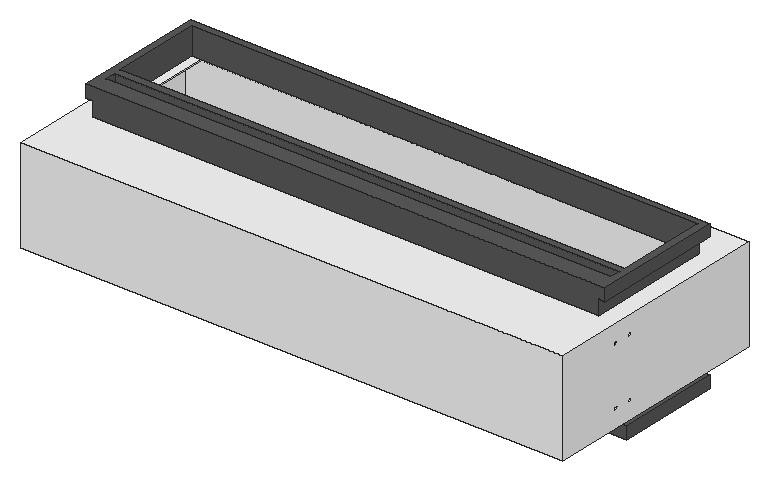
Revit family "C Series - C920STIO - Front Intake", category Generic Models, host Face, Revit 2019
Family settings
  Host = Face
  Can host rebar = No
  Round Connector Dimension = Use Diameter
  Part Type = Normal
  Cut with Voids When Loaded = Yes
  Shared = Yes
  Room Calculation Point = No
Parameters (values of type "As Specified")
  URL = "https://www.montigo.com/"
  Top Offset Right = 0"
  Top Offset Left = 0"
  Manufacturer Website = "https://www.montigo.com/"
  Manufacturer Phone - Toll Free = "800-378-3115"
  Manufacturer Phone = ""
  Manufacturer Fax = ""
  Manufacturer Address = "27342 Gloucester Way  Langley, BC, Canada   V4W 4A1"
  Manufacturer = "Montigo"
  Length = 120 3/16"
  Intake Duct Offset = 6"
  Height = 51 113/256"
  HVAC_Exit Diameter = 8"
  HVAC_Entry Diameter = 7"
  HVAC_BTU Output = 0.0 Btu/h
  HVAC_BTU Input = 0.0 Btu/h
  Glazing Tint = Glass - Montigo - Tint as Specified
  Frame Material = Metal - Montigo - Black
  Firebox Material = Metal - Montigo - White
  Fire Place Opening Length = 43"
  Fire Place Opening = 29"
  Description = "Montigo Fireplace as Specified"
  Depth = 20 225/256"
  Default Elevation = 48"
  COOLPack Consumption = 1200 CFM
  Base Offset Right = 9"
  Base Offset Left = 9"
  Base Offset = 1"
  Base Height = 15"
  Assembly Code = "D3020"
Reference planes (in)
  plane 1 "Center (Front/Back)": y = 0
  plane 2: z = 0
  plane 3 "Center (Left/Right)": x = 0
  plane 4: x = -60.09375
  plane 5: x = 60.09375
  plane 6: y = 25.7207
  plane 7: y = -25.7207
  plane 8: y = -10.7207
  plane 9: z = 0
  plane 10: z = -20.87891
  plane 11: z = -10.43945
  plane 12: x = -57.5
  plane 13: x = 57.5
  plane 14: y = 18.2793
Forms (in)
  Extrusion 1, solid, material "Metal - Montigo - White" <- "Firebox Material"
    sketch origin (-60.41868, -180, 0) x (-1, 0, 0) y (0, -1, 0)
      loop
        line (-0.32493, -205.7207) -> (-0.32493, -154.2793) -> (-120.51243, -154.2793) -> (-120.51243, -205.7207) -> (-0.32493, -205.7207)
    from 0 to -20.87891
  Extrusion 2, solid, material "Metal - Montigo - Black" <- "Frame Material"
    sketch origin (-60.41868, -180, 0) x (-1, 0, 0) y (0, -1, 0)
      loop
        line (-2.91868, -198.2793) -> (-2.91868, -169.2793) -> (-117.91868, -169.2793) -> (-117.91868, -198.2793) -> (-2.91868, -198.2793)
    from 0 to 6
  Sweep 3, void
    path in 3D
      loop
        line (57.5, -10.7207, 6) -> (57.5, 18.2793, 6) -> (-57.5, 18.2793, 6) -> (-57.5, -10.7207, 6)
    profile origin (57.5, 3.7793, 6) x (-1, 0, 0) y (0, 0, 1)
      loop
        line (0, -6) -> (1.375, -6) -> (1.375, -2.75) -> (0, -2.75) -> (0, -6)
  Extrusion 4, void
    sketch origin (-60.41868, -180, 0) x (0, -1, 0) y (-1, 0, 0)
      loop
        line (-196.7168, -2.91868) -> (-196.7168, -117.91868) -> (-176.7168, -117.91868) -> (-176.7168, -2.91868) -> (-196.7168, -2.91868)
    from 0.125 to 20.75
  Extrusion 5, void
    sketch origin (-60.41868, -180, 0) x (0, -1, 0) y (-1, 0, 0)
      loop
        line (-196.7168, -4.41868) -> (-196.7168, -116.41868) -> (-176.7168, -116.41868) -> (-176.7168, -4.41868) -> (-196.7168, -4.41868)
    from -6 to 0
  Extrusion 6, void
    sketch origin (-60.41868, -180, 0) x (0, -1, 0) y (-1, 0, 0)
      loop
        line (-196.7168, -6.41868) -> (-196.7168, -114.41868) -> (-176.7168, -114.41868) -> (-176.7168, -6.41868) -> (-196.7168, -6.41868)
    from -1 to 1
  Extrusion 7, void
    sketch origin (-60.41868, -180, 0) x (0, -1, 0) y (-1, 0, 0)
      loop
        line (-175.2168, -4.41868) -> (-175.2168, -116.41868) -> (-172.8418, -116.41868) -> (-172.8418, -4.41868) -> (-175.2168, -4.41868)
    from -6 to -3.25
  Extrusion 8, void
    sketch origin (0, -1.69589, -0.88973) x (0, 1, 0) y (0, 0, 1)
      loop
        circle (-9.46231, -16.05168) r 0.4375
      loop
        circle (-5.46231, -16.05168) r 0.4375
      loop
        circle (-9.46231, -3.05168) r 0.4375
      loop
        circle (-5.46231, -3.05168) r 0.4375
    from 60.09375 to 59.46962
  Extrusion 9, solid, material "Metal - Montigo - Black" <- "Frame Material"
    sketch origin (-60.41868, -180, -20.875) x (0, 1, 0) y (1, 0, 0)
      loop
        line (198.2793, 2.91868) -> (198.2793, 117.91868) -> (175.2793, 117.91868) -> (175.2793, 2.91868) -> (198.2793, 2.91868)
    from 0 to 6
  Sweep 10, void
    path in 3D
      loop
        line (57.5, -10.7207, -26.875) -> (57.5, 18.2793, -26.875) -> (-57.5, 18.2793, -26.875) -> (-57.5, -10.7207, -26.875)
    profile origin (57.5, 3.7793, -26.875) x (1, 0, 0) y (0, 0, -1)
      loop
        line (0, -6) -> (0, -2.75) -> (-1.375, -2.75) -> (-1.375, -6) -> (0, -6)
  Extrusion 11, void
    sketch origin (-60.41868, -180, -20.875) x (1, 0, 0) y (0, 1, 0)
      loop
        line (4.41868, 196.7168) -> (4.41868, 176.7168) -> (116.41868, 176.7168) -> (116.41868, 196.7168) -> (4.41868, 196.7168)
    from -6 to 0
  Extrusion 12, void
    sketch origin (-60.41868, -180, -20.875) x (1, 0, 0) y (0, 1, 0)
      loop
        line (6.41868, 196.7168) -> (6.41868, 176.7168) -> (114.41868, 176.7168) -> (114.41868, 196.7168) -> (6.41868, 196.7168)
    from -1 to 1
Cuts and joins
  Sweep 3, Extrusion 4, Extrusion 5, Extrusion 7, Sweep 10, Extrusion 11, Extrusion 12 cuts Extrusion 2
  Extrusion 4, Extrusion 5, Extrusion 6, Extrusion 7, Extrusion 8, Sweep 10, Extrusion 11, Extrusion 12 cuts Extrusion 1
  Sweep 10, Extrusion 11 cuts Extrusion 9
Lines and regions (in)
  symbolic lines
    curve 1: line (56.125, 53.21644, 0) -> (56.125, 49.96644, 0)
    curve 2: line (56.125, 49.96644, 0) -> (57.5, 49.96644, 0)
    curve 6: line (-56, -7.1582, 0) -> (56, -7.1582, 0)
    curve 7: line (56, -4.7832, 0) -> (-56, -4.7832, 0)
    curve 8: line (-56, -4.7832, 0) -> (-56, -7.1582, 0)
    curve 9: line (56, -4.7832, 0) -> (56, -7.1582, 0)
    curve 10: line (56, 16.7168, 0) -> (56, -3.2832, 0)
    curve 11: line (-56, -3.2832, 0) -> (-56, 16.7168, 0)
    curve 15: line (0, -4.7207, -26.875) -> (0, -4.7207, -24.125)
  sketch lines
    curve 3: line (57.5, -10.7207, 6) -> (57.5, 18.2793, 6)
    curve 4: line (57.5, 18.2793, 6) -> (-57.5, 18.2793, 6)
    curve 5: line (-57.5, 18.2793, 6) -> (-57.5, -10.7207, 6)
    curve 12: line (57.5, -10.7207, -26.875) -> (57.5, 18.2793, -26.875)
    curve 13: line (57.5, 18.2793, -26.875) -> (-57.5, 18.2793, -26.875)
    curve 14: line (-57.5, 18.2793, -26.875) -> (-57.5, -10.7207, -26.875)
Dimensions and locks (in)
  equal spacing: plane 4, plane 3 "Center (Left/Right)", plane 5
  "Length": plane 4 to plane 5
  equal spacing: plane 7, plane 1 "Center (Front/Back)", plane 6
  "Height": plane 7 to plane 6
  "Base Height": plane 7 to plane 8
  "Depth": plane 9 to plane 10
  equal spacing: plane 9, plane 11, plane 10
  locked: plane 4 to plane 12 at 2.59375
  locked: plane 13 to plane 5 at 2.59375
  "Fire Place Opening": plane 8 to plane 14
  locked: Extrusion 4 sketch curve to plane 8 at 7.4375
  locked: Extrusion 4 sketch curve to plane 14 at 1.5625
  locked: plane 8 to cut or joined group 1 (Extrusion 1, Extrusion 4, Extrusion 5, Extrusion 6, Extrusion 7, Extrusion 8, Sweep 10, Extrusion 11, Extrusion 12) at 7.4375
  locked: cut or joined group 1 to plane 14 at 1.5625
  locked: plane 12 to Extrusion 5 sketch curve at 1.5
  locked: Extrusion 5 sketch curve to plane 13 at 1.5
  locked: plane 12 to Extrusion 6 sketch curve at 3.5
  locked: Extrusion 6 sketch curve to plane 13 at 3.5
  locked: Extrusion 6 sketch curve to plane 14 at 1.5625
  locked: Extrusion 6 sketch curve to plane 8 at 7.4375
  locked: plane 12 to Extrusion 7 sketch curve at 1.5
  locked: Extrusion 7 sketch curve to plane 13 at 1.5
  locked: plane 8 to Extrusion 7 sketch curve at 5.9375
  locked: plane 8 to Extrusion 7 sketch curve at 3.5625
  locked: cut or joined group 1 to plane 5 at 0.62413
  aligned and locked: plane 2 to host face
  aligned and locked: level to host face
  aligned and locked: plane 6 to Extrusion 1 sketch curve
  aligned and locked: Extrusion 1 to plane 10
  aligned and locked: plane 5 to Extrusion 1
  aligned and locked: Extrusion 1 sketch curve to plane 7
  aligned and locked: plane 9 to level
  aligned and locked: plane 14 to Extrusion 2 sketch curve
  aligned and locked: plane 12 to Extrusion 2 sketch curve
  aligned and locked: Extrusion 2 sketch curve to plane 8
  aligned and locked: plane 13 to Extrusion 2 sketch curve
  aligned and locked: Extrusion 2 to level
  aligned and locked: plane 12 to Extrusion 4 sketch curve
  aligned and locked: plane 13 to Extrusion 4 sketch curve
  aligned and locked: Extrusion 2 to Extrusion 5
  aligned and locked: Extrusion 5 to level
  aligned and locked: Extrusion 2 to Extrusion 7
  aligned and locked: Extrusion 7 to Sweep 3
  aligned and locked: Extrusion 8 to cut or joined group 1
Automatic sketch dimensions
  host sketch curve to host sketch curve = 96"  (x2)
  Extrusion 1 sketch curve to plane 5 = 0"
  Extrusion 1 sketch curve to plane 4 = 0"
  curve 2 to plane 13 = 0"
  plane 13 to curve 2 = 1 3/8"
  plane 13 to curve 6 = 1 1/2"
  plane 12 to curve 8 = 1 1/2"
  curve 2 to plane 6 = 24.24574"
  plane 1 "Center (Front/Back)" to curve 7 = 4.7832"
  curve 7 to curve 8 = 2 3/8"
  plane 13 to curve 10 = 1 1/2"
  curve 11 to curve 7 = 0"
  curve 1 to curve 1 = 3 1/4"
  plane 14 to curve 10 = 1 9/16"
  plane 14 to curve 11 = 1 9/16"
  curve 11 to curve 7 = 1 1/2"
  curve 10 to curve 7 = 1 1/2"
  Sweep 3 sketch curve to profile plane = 0"
  Sweep 3 sketch curve to Sweep 3 sketch curve = 1 3/8"
  Sweep 3 sketch curve to profile plane = 6"
  Sweep 3 sketch curve to profile plane = 2 3/4"
  plane 14 to Extrusion 5 sketch curve = 1 9/16"
  plane 1 "Center (Front/Back)" to Extrusion 5 sketch curve = 3.2832"
  plane 8 to Extrusion 8 sketch curve = 7/16"  (x2)
  Extrusion 8 sketch curve to plane 8 = 3 9/16"  (x2)
  plane 10 to Extrusion 8 sketch curve = 3 15/16"  (x2)
  Extrusion 8 sketch curve to level = 3 241/256"  (x2)
  Extrusion 9 sketch curve to plane 12 = 0"
  Extrusion 9 sketch curve to plane 13 = 0"
  plane 14 to Extrusion 9 sketch curve = 0"
  plane 1 "Center (Front/Back)" to Extrusion 9 sketch curve = 4.7207"
  profile plane to Sweep 10 sketch curve = 0"
  Sweep 10 sketch curve to Sweep 10 sketch curve = 1 3/8"
  Sweep 10 sketch curve to profile plane = 6"
  Sweep 10 sketch curve to profile plane = 2 3/4"
  plane 12 to Extrusion 11 sketch curve = 1 1/2"
  plane 13 to Extrusion 11 sketch curve = 1 1/2"
  plane 1 "Center (Front/Back)" to Extrusion 11 sketch curve = 3.2832"
  plane 14 to Extrusion 11 sketch curve = 1 9/16"
  plane 12 to Extrusion 12 sketch curve = 3 1/2"
  plane 13 to Extrusion 12 sketch curve = 3 1/2"
  plane 1 "Center (Front/Back)" to Extrusion 12 sketch curve = 3.2832"
  plane 14 to Extrusion 12 sketch curve = 1 9/16"
  radius of Extrusion 8 sketch curve = 7/16"  (x4)
